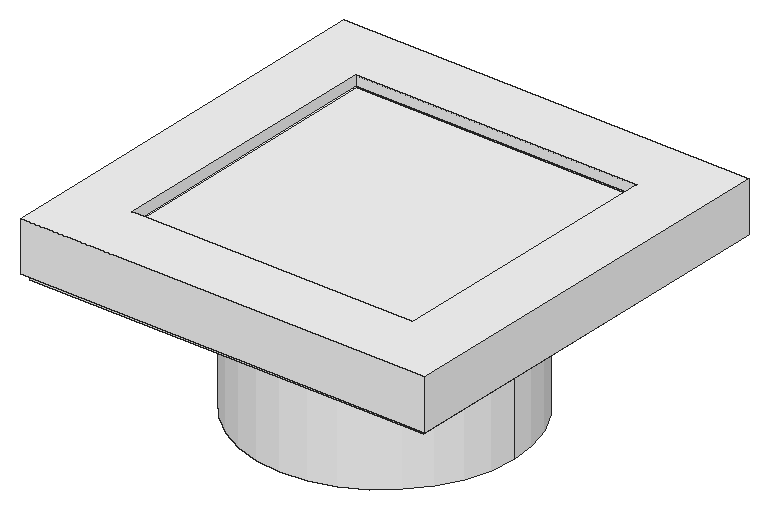
Revit family "Gira_0136600", category Electrical Fixtures, host Face, Revit 2017
Family settings
  Host = Face
  Maintain Annotation Orientation = Yes
  Round Connector Dimension = Use Diameter
  Part Type = Normal
  Cut with Voids When Loaded = No
  Shared = No
  Room Calculation Point = No
Parameters (values of type "Tast-Kontroll AusWe System 55 Edelstahl")
  Zusammenstellung = "Basiselement mit zentraler Abdeckplatte"
  White [instance] = White
  Werkstoffgüte = "sonstige"
  Werkstoff = "sonstige"
  Waschmaschinenschalter = "No"
  URL = "http://katalog.gira.de/de_DE/datenblatt.html?artikelnr=0136600"
  Textfeld/Beschriftungsfläche = "nein"
  Tastschalter = "Yes"
  Schaltungsart = "Wechselschalter"
  Rückmeldekontakt = "No"
  Region = "DE"
  Oberfläche = "sonstige"
  Nennspannung = "250 Volt"
  Name = "Tast-Kontroll AusWe System 55 Edelstahl"
  Montageart = "unter Putz"
  Model = "Sys55_Komplettgerät_Schalten und Tasten"
  Mit Montageplatte = "No"
  Manufacturer URL = "https://www.gira.de/"
  HeinzeBIM = "https://bimportal.heinze.de/bim/tast-kontroll-auswe-system-55-edelstahl/b1569e4ebece3272e9fd8b013610c150080160a2"
  Halogenfrei = "No"
  HAN = "0136600"
  Geeignet für Schutzart (IP) = "IP20"
  GTIN = "4010337021766"
  Farbe = "edelstahl"
  Default Elevation = 1219.2 mm
  Data sheet (1) = "https://katalog.gira.de/de_DE/download.html?artikelnr=0136600"
  Category = "Installationsschalter"
  Bemessungsstrom = "10 Ampere"
  Beleuchtungsfunktion = "beleuchtet wenn eingeschaltet"
  Beleuchtungsart = "Glimmlampe"
  Beleuchtung = "ja"
  Befestigungsart = "Krallen-/Schraubbefestigung"
  Bedienungsart = "Wippe/Taste"
  Available = "Yes"
  Ausführung der Oberfläche = "glänzend"
  Anzahl der Module (bei Modulbauweise) = "1 "
  Anzahl der Betätigungswippen = "1 "
  Anschlussart = "Steckklemme"
Reference planes
  plane 1 "Center (Front/Back)": y = 0
  plane 2: z = 0
  plane 3 "Center (Left/Right)": x = 0
Forms (mm)
  Extrusion 1, solid, material "White" <- "White", detail levels medium
    sketch origin (0, 0, 0) x (1, 0, 0) y (0, 1, 0)
      loop
        line (-40.4, 40.4) -> (-40.4, -40.4) -> (40.4, -40.4) -> (40.4, 40.4) -> (-40.4, 40.4)
      loop
        line (-28, 28) -> (-28, -28) -> (28, -28) -> (28, 28) -> (-28, 28)
    from 0 to 10
  Extrusion 2, solid, material "White" <- "White", detail levels fine
    sketch origin (0, 0, 0) x (1, 0, 0) y (0, 1, 0)
      loop
        line (-40.4, 40.4) -> (-40.4, -40.4) -> (40.4, -40.4) -> (40.4, 40.4) -> (-40.4, 40.4)
      loop
        line (-28, 28) -> (-28, -28) -> (28, -28) -> (28, 28) -> (-28, 28)
    from 0 to 10
  Extrusion 3, void
    sketch origin (0, 0, 0) x (1, 0, 0) y (0, 1, 0)
      loop
        line (-38.4, 38.4) -> (-38.4, -38.4) -> (38.4, -38.4) -> (38.4, 38.4) -> (-38.4, 38.4)
    from 0 to 8
  Extrusion 4, solid, material "White" <- "White", detail levels medium+fine
    sketch origin (0, 0, 0) x (1, 0, 0) y (0, 1, 0)
      loop
        line (-39.4, 39.4) -> (-39.4, -39.4) -> (39.4, -39.4) -> (39.4, 39.4) -> (-39.4, 39.4)
    from 0 to -1
  Extrusion 5, solid, material "White" <- "White", detail levels medium+fine
    sketch origin (0, 0, 0) x (1, 0, 0) y (0, 1, 0)
      loop
        line (-35.5, 35.5) -> (-35.5, -35.5) -> (35.5, -35.5) -> (35.5, 35.5) -> (-35.5, 35.5)
    from -2 to -3
  Extrusion 6, solid, material "White" <- "White", detail levels medium+fine
    sketch origin (0, 0, 0) x (1, 0, 0) y (0, 1, 0)
      loop
        circle (0, 0) r 26
    from 0 to -27.5
  Extrusion 7, solid, material "White" <- "White", detail levels coarse
    sketch origin (0, 0, 0) x (1, 0, 0) y (0, 1, 0)
      loop
        line (-40.4, 40.4) -> (-40.4, -40.4) -> (40.4, -40.4) -> (40.4, 40.4) -> (-40.4, 40.4)
    from -27.5 to 10
Cuts and joins
  Extrusion 3 cuts Extrusion 2
Dimensions and locks
  aligned and locked: plane 2 to host face
  aligned and locked: level to host face
  aligned and locked: plane 3 "Center (Left/Right)" to nested 2
  aligned and locked: plane 1 "Center (Front/Back)" to nested 2
Nested families
  nested 1: "Sys55_Abdeckung_Schalten und Tasten_floor_base" at (0, 0, 0), type "Sys55_Abdeckung_Schalten und Tasten_floor_base"
  nested 2: "Schalter" at (0, 0, 0), type "Schalter"
Connectors
  electrical at (0, 0, -27.5)
    settings: on Extrusion 6, index 1, voltage 220 V, apparent load 0 VA, apparent load phase1 0 VA, apparent load phase2 0 VA, apparent load phase3 0 VA, power factor 1, load classification "Other", number of poles 1, system type 30, power factor state 1, is connector primary yes, connector utility no, sub classification motor no, connector description ""
Definition of nested family "Sys55_Abdeckung_Schalten und Tasten_floor_base"
  Parameters
    Default Elevation = 1219.2 mm
    White [instance] = none
  Reference planes
    plane 1 "Center (Front/Back)": y = 0
    plane 2: z = 0
    plane 3 "Center (Left/Right)": x = 0
  Forms (mm)
    Extrusion 1, solid
      sketch origin (0, 0, 0) x (1, 0, 0) y (0, 1, 0)
        loop
          line (-1219.2, 1219.2) -> (-1219.2, -1219.2) -> (1219.2, -1219.2) -> (1219.2, 1219.2) -> (-1219.2, 1219.2)
      from 0 to -304.8
    Extrusion 2, solid, material <- "White", detail levels fine
      sketch origin (0, 0, 0) x (1, 0, 0) y (0, 1, 0)
        loop
          line (-27.5, 27.5) -> (-27.5, -27.5) -> (27.5, -27.5) -> (27.5, 27.5) -> (-27.5, 27.5)
      from 0 to 8
    Extrusion 3, void
      sketch origin (0, 0, 0) x (1, 0, 0) y (0, 1, 0)
        loop
          line (26, 26) -> (-26, 26) -> (-26, -26) -> (26, -26) -> (26, 26)
      from 0 to 6
    Extrusion 4, solid, material <- "White", detail levels medium
      sketch origin (0, 0, 0) x (1, 0, 0) y (0, 1, 0)
        loop
          line (-27.5, 27.5) -> (-27.5, -27.5) -> (27.5, -27.5) -> (27.5, 27.5) -> (-27.5, 27.5)
      from 0 to 8
    Extrusion 5, solid, material <- "White", detail levels medium
      sketch origin (0, 0, 0) x (1, 0, 0) y (0, 1, 0)
        loop
          line (11, -17.5) -> (11, 17.5) -> (-11, 17.5) -> (-11, -17.5) -> (11, -17.5)
      from -6 to 6
    Extrusion 6, solid, material <- "White", detail levels fine
      sketch origin (0, 0, 0) x (1, 0, 0) y (0, 1, 0)
        loop
          line (11, 17.5) -> (-11, 17.5) -> (-11, 16.5) -> (11, 16.5) -> (11, 17.5)
        loop
          line (-11, -16.5) -> (-11, -17.5) -> (11, -17.5) -> (11, -16.5) -> (-11, -16.5)
      from -4 to 6
    Extrusion 7, solid, material <- "White", detail levels fine
      sketch origin (0, 0, 0) x (1, 0, 0) y (0, 1, 0)
        loop
          arc (5, 9.347) -> (0, 10.6) -> (-5, 9.347) r 10.6
          line (-5, 9.347) -> (-5, -9.347)
          arc (-5, -9.347) -> (0, -10.6) -> (5, -9.347) r 10.6
          line (5, -9.347) -> (5, 9.347)
      from -6 to 6
    Extrusion 8, solid, material <- "White", detail levels coarse
      sketch origin (0, 0, 0) x (1, 0, 0) y (0, 1, 0)
        loop
          line (-27.5, 27.5) -> (-27.5, -27.5) -> (27.5, -27.5) -> (27.5, 27.5) -> (-27.5, 27.5)
      from -6 to 8
  Cuts and joins
    Extrusion 3 cuts Extrusion 2
  Dimensions and locks
    aligned and locked: plane 2 to Extrusion 1
    aligned and locked: level to Extrusion 1
Definition of nested family "Schalter"
  Reference planes
    plane 1: y = 0
    plane 2: x = 0
  Lines and regions (mm)
    detail lines
      curve 1: circle (1.375, 2.778, 0) r 0.8 normal (0, 0, 1)
      curve 2: line (1.021, 2.061, 0) -> (0, 0, 0)
      curve 3: line (0, 0, 0) -> (-0.538, 0.266, 0)
  Dimensions and locks
    curve 2 to curve 2 = 2.3 mm
    curve 3 to curve 2 = 0.6 mm
    radius of curve 1 = 0.8 mm
